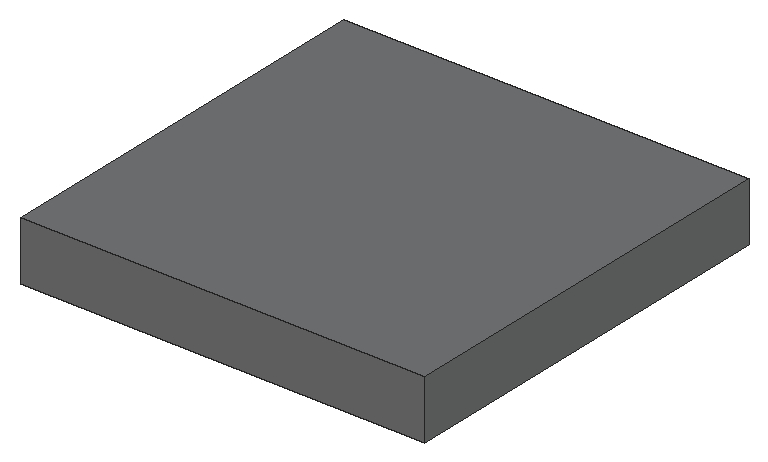
Revit family "Gira_067301", category Electrical Fixtures, host Face, Revit 2017
Family settings
  Host = Face
  Maintain Annotation Orientation = No
  Round Connector Dimension = Use Diameter
  Part Type = Normal
  Cut with Voids When Loaded = No
  Shared = No
  Room Calculation Point = No
Parameters (values of type "Wippe Symb. Klingel + BSF System 55 Cremeweiß")
  Werkstoffgüte = "Thermoplast"
  Werkstoff = "Kunststoff"
  Verwendung = "Schalter/Taster"
  URL = "http://katalog.gira.de/de_DE/datenblatt.html?artikelnr=067301"
  Region = "DE"
  RAL-Nummer (ähnlich) = "1013 "
  Oberfläche = "sonstige"
  Name = "Wippe Symb. Klingel + BSF System 55 Cremeweiß"
  Mit austauschbarer Linse/Symbol = "No"
  Mit Beschriftungsfeld = "Yes"
  Manufacturer URL = "https://www.gira.de/"
  Kontrollfenster/Lichtauslass = "No"
  Keynote = "Sys55_Abdeckung_Schalten und Tasten"
  HeinzeBIM = "https://bimportal.heinze.de/bim/wippe-symb-klingel-bsf-system-55-cremeweiss/5fca0e4b3f1705e47e85bb07de5bd0d1cb675a30"
  Halogenfrei = "Yes"
  HAN = "067301"
  Geeignet für Schutzart (IP) = "IP20"
  Geeignet für Bussystem-Tasterankopplung = "No"
  GTIN = "4010337673019"
  Farbe = "cremeweiß (elektroweiß)"
  Default Elevation = 1219.2 mm
  Data sheet (1) = "https://katalog.gira.de/de_DE/download.html?artikelnr=067301"
  Category = "Abdeckung/Bedienelement für Installationsschalterprogramme"
  Befestigungsart = "Klemmbefestigung"
  Available = "Yes"
  Ausführung der Oberfläche = "glänzend"
  Ausführung = "einteilige Wippe"
  Aufdruck/Kennzeichnung = "Symbol \"Klingel\""
  Anthrazit [instance] = Anthrazit
  Abtastbares Symbol/barrierefrei = "No"
Reference planes
  plane 1 "Center (Front/Back)": y = 0
  plane 2: z = 0
  plane 3 "Center (Left/Right)": x = 0
Forms (mm)
  Extrusion 1, solid, material "Anthrazit" <- "Anthrazit", detail levels fine
    sketch origin (0, 0, 0) x (1, 0, 0) y (0, 1, 0)
      loop
        line (-27.5, 27.5) -> (-27.5, -27.5) -> (27.5, -27.5) -> (27.5, 27.5) -> (-27.5, 27.5)
    from 0 to 8
  Extrusion 2, void
    sketch origin (0, 0, 0) x (1, 0, 0) y (0, 1, 0)
      loop
        line (26, 26) -> (-26, 26) -> (-26, -26) -> (26, -26) -> (26, 26)
    from 0 to 6
  Extrusion 3, solid, material "Anthrazit" <- "Anthrazit", detail levels medium
    sketch origin (0, 0, 0) x (1, 0, 0) y (0, 1, 0)
      loop
        line (-27.5, 27.5) -> (-27.5, -27.5) -> (27.5, -27.5) -> (27.5, 27.5) -> (-27.5, 27.5)
    from 0 to 8
  Extrusion 4, solid, material "Anthrazit" <- "Anthrazit", detail levels medium
    sketch origin (0, 0, 0) x (1, 0, 0) y (0, 1, 0)
      loop
        line (11, -17.5) -> (11, 17.5) -> (-11, 17.5) -> (-11, -17.5) -> (11, -17.5)
    from -6 to 6
  Extrusion 5, solid, material "Anthrazit" <- "Anthrazit", detail levels fine
    sketch origin (0, 0, 0) x (1, 0, 0) y (0, 1, 0)
      loop
        line (11, 17.5) -> (-11, 17.5) -> (-11, 16.5) -> (11, 16.5) -> (11, 17.5)
      loop
        line (-11, -16.5) -> (-11, -17.5) -> (11, -17.5) -> (11, -16.5) -> (-11, -16.5)
    from -4 to 6
  Extrusion 6, solid, material "Anthrazit" <- "Anthrazit", detail levels fine
    sketch origin (0, 0, 0) x (1, 0, 0) y (0, 1, 0)
      loop
        arc (5, 9.347) -> (0, 10.6) -> (-5, 9.347) r 10.6
        line (-5, 9.347) -> (-5, -9.347)
        arc (-5, -9.347) -> (0, -10.6) -> (5, -9.347) r 10.6
        line (5, -9.347) -> (5, 9.347)
    from -6 to 6
  Extrusion 7, solid, material "Anthrazit" <- "Anthrazit", detail levels coarse
    sketch origin (0, 0, 0) x (1, 0, 0) y (0, 1, 0)
      loop
        line (-27.5, 27.5) -> (-27.5, -27.5) -> (27.5, -27.5) -> (27.5, 27.5) -> (-27.5, 27.5)
    from -6 to 8
Cuts and joins
  Extrusion 2 cuts Extrusion 1
Dimensions and locks
  aligned and locked: plane 2 to host face
  aligned and locked: level to host face
